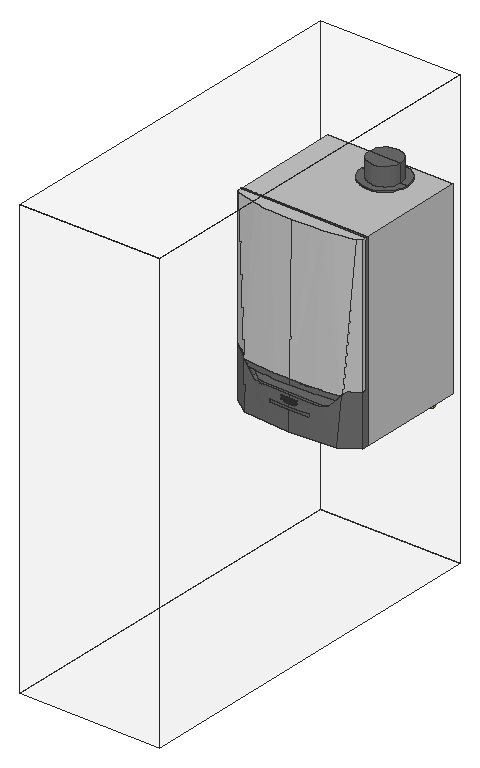
Revit family "Remeha_QuintaAce30_LOD5", category Mechanical Equipment, Revit 2016
Family settings
  Part Type = Normal
  Round Connector Dimension = Use Diameter
  OmniClass Number = 23.75.10.11.14
  OmniClass Title = Hot Water Heat Generators
  Work Plane-Based = No
  Always vertical = Yes
  Cut with Voids When Loaded = Yes
  Shared = No
  Room Calculation Point = No
Parameters (values of type "80/125 Conventional Flue Connection - 80 Connector")
  Weekly = ""
  Water Treatment Required = yes
  Water Content = 4.3 L
  Warranty ID = ""
  Voltage = 230 V
  URL = ""
  Type = "Space heating"
  Turndown Ratio = "3.66:1"
  Text Material = Paint - Black
  Supply Phase = 1
  Starting Current = 0 A
  Sound Pressure Level = "38.3"
  Shipping Weight = 61.00 kg
  Shape = "Rectangular (Vertical)"
  Safety Valve Connection Type = "Unset"
  Safety Valve Connection Size = 0.00 mm
  Responsible Sourcing of Materials = ""
  Responsible Extraction of Materials = ""
  Reference Standard = "GAR 2016/426, BED 92/42/EEC, ErP 2009/123/EC"
  Rated Output = 29800 W
  Rated Criteria = "80/60"
  Quarterly = ""
  Product Range = "Quinta Ace 30"
  Product Model Number = ""
  Product Literature = "https://www.remeha.co.uk/products/wall-hung-range/quinta-ace-30-115"
  Primary Fuel = "Gas - NG"
  Overall Width = 500.00 mm
  Overall Length = 500.00 mm
  Overall Height = 750.00 mm
  Optional Fuel = "LPG"
  Operation and Maintenance Manual = "https://www.remeha.co.uk/products/wall-hung-range/quinta-ace-30-115"
  Oil Consumption rate = 0
  Nominal Oil Inlet Pressure = 0.00000 bar
  Nominal Gas Inlet Pressure = 0.02000 bar
  NOx Emissions = "33"
  Mounting = "Wall Mounted"
  Monthly = ""
  Model = ""
  Minimum Power Consumption = 19 W
  Minimum Operating Pressure = 0.80000 bar
  Minimum Oil Inlet Pressure = 0.00000 bar
  Minimum Gas Inlet Pressure = 0.01700 bar
  Minimum Flow Rate at 20C temperature differential = 0.36 L/s
  Minimum Flow Rate at 11C temperature differential = 0.65 L/s
  Maximum Power Consumption = 40 W
  Maximum Operating Pressure = 4.00000 bar
  Maximum Oil Inlet Pressure = 0.00000 bar
  Maximum Gas Inlet Pressure = 0.02500 bar
  Material Ingredient Reporting = ""
  Manufacturer Website = "www.remeha.co.uk"
  Manufacturer = "Remeha Commercial"
  Maintenance Required 8001 to 12000hrs = ""
  Maintenance Required 601 to 1000hrs = ""
  Maintenance Required 4001 to 8000hrs = ""
  Maintenance Required 301 to 600hrs = ""
  Maintenance Required 2001 to 4000hrs = ""
  Maintenance Required 1001 to 2000hrs = ""
  Maintenance Required 0 to 300hrs = ""
  Location of Manufacturer = ""
  Load Classification = Other
  Life Cycle Analysis = ""
  Interlocks = yes
  IfcExportType = "NOTDEFINED"  # constant formula
  IfcExportAs = "IfcBoilerType"  # constant formula
  IP Rating = "X4D"
  IK Rating = "Not Required"
  Hydraulic Resistance at 20C temperature differential = 0.07000 bar
  Hydraulic Resistance at 11C temperature differential = 0.23100 bar
  Heater Operation = "Condensing"
  Heat Exchanger Material = "Aluminium"
  Gross Weight = 54.30 kg
  Green Guide for Specification = ""
  Gas Consumption rate = "3.2"
  Fuse Rating = 2.5 A
  Full Load Current = 0 A
  Fuel Connection Type = "Threaded"
  Fuel Connection Size = 20.00 mm
  Frequency = 50 Hz
  Flue or Air Intake Classification = "B23p,B33,C13, C33, C53, C63, C93"
  Flue Radius = Air Inlet Connection Size / 2  # 62.50 mm
  Flue Connector Size = 80 mm
  Flue Connection size = 80.00 mm
  Flow and Return Connection Type = "Threaded"
  Flow and Return Connection Size = 32.00 mm
  Finish = "High Polish Gardner 60 GRAD 91EH"
  Features = "Remeha's Quinta Pro range are compact high efficiency wall hung condensing boilers. Lighter and more efficienct, their small size make them ideally suited to modular arrangments"
  External Material = "Steel"
  Expected Life = "15"
  ErP Seasonal Efficiency = "94"
  ErP Rated Efficiency at Part Load = "0"
  ErP Rated Efficiency at Full Load = "0"
  ErP Energy Label = "A"
  Environmental Product Declaration = ""
  Energy Technology List = "0"
  Embodied Carbon = ""
  Drain Connection Type = "Unset"
  Drain Connection Size = 25.00 mm
  Description = ""
  Daily = ""
  Control Type = "'0 - 10V, Open Therm, Volt free enable, Direct boiler weather compensating control systems available from Remeha as optional extra's."
  Configuration = "Single boiler"
  Condensate Drain Type = "Plain"
  Condensate Drain Size = 32.00 mm
  Colour = "RAL 9016"
  Clearance Box Visibility [instance] = yes
  Classification.Uniclass.Pr.Number [instance] = "Pr_60_60_08_34"
  Classification.Uniclass.Pr.Description [instance] = "Gas fired Condensing Boilers"
  CE Mark = "0063CS3928"
  Burner Control Type = "Modulating"
  Building Regulations Seasonal Efficiency = "97.62"
  Bespoke Timeframe = ""
  BMS Links = yes
  Annually = "As Per Attached URL O&M Manual"
  Air Inlet Connection Size = 125.00 mm
  Additional Technical Details = "https://www.remeha.co.uk/products/wall-hung-range/quinta-ace-30-115"
  Access Clearance Top = 400.00 mm
  Access Clearance Right = 30.00 mm
  Access Clearance Rear = 0.00 mm
  Access Clearance Left = 30.00 mm
  Access Clearance Front = 1000.00 mm
  Access Clearance Bottom = 600.00 mm
  6 Monthly = ""
Types (2, lengths in mm): name | Load Classification | Flue Connector Size
  80/125 Conventional Flue Connection - 80 Connector | Other | 80
  80/125 Concentric Flue Connection - 125 Connector | none | 125
Reference planes
  plane 1 "Center (Front/Back)": y = 0
  plane 2: z = 0
  plane 3 "Center (Left/Right)": x = 0
  plane 4: y = -50
  plane 5: y = -75
  plane 6: x = -115
  plane 7: x = 59
  plane 8: x = 119.4
  plane 9: x = 200
  plane 10: x = 250
  plane 11: y = -101
  plane 12: x = -250
  plane 13: y = -500
  plane 14: x = -280
  plane 15: x = 280
  plane 16: y = -1500
  plane 17: y = 0
  plane 18: z = 750
  plane 19: z = 1150
  plane 20: z = -600
  plane 21: z = 824.467
Forms (mm)
  Sweep 1, solid, material "101_240_115"
    path origin (453.507, -50, 3000) x (1, 0, 0) y (0, 0, 1)
      loop
        line (-568.507, -3039.462) -> (-568.507, -3000)
    profile origin (-115, -50, -19.731) x (-1, 0, 0) y (0, -1, 0)
      loop
        circle (0, 0) r 21.2
  Sweep 2, solid
    path origin (453.507, -75, 3000) x (1, 0, 0) y (0, 0, 1)
      loop
        line (-394.507, -3012.462) -> (-394.507, -3000)
    profile origin (59, -75, -6.231) x (-1, 0, 0) y (0, -1, 0)
      loop
        circle (0, 0) r 16.25
  Sweep 3, solid, material "229_0_0"
    path origin (687.907, -50, 3000) x (1, 0, 0) y (0, 0, 1)
      loop
        line (-568.507, -3039.662) -> (-568.507, -3000)
    profile origin (119.4, -50, -19.831) x (-1, 0, 0) y (0, -1, 0)
      loop
        circle (0, 0) r 21.2
  Sweep 4, solid, material "229_229_0"
    path origin (768.507, -50, 3000) x (1, 0, 0) y (0, 0, 1)
      loop
        line (-568.507, -3040) -> (-568.507, -3000)
    profile origin (200, -50, -20) x (-1, 0, 0) y (0, -1, 0)
      loop
        circle (0, 0) r 13.5
  Revolve 5, solid, material "51_51_51"
    sketch origin (453.507, -101, 2990) x (1, 0, 0) y (0, 0, 1)
      loop
        line (-394.507, -2240) -> (-303.507, -2240) -> (-303.507, -2236.533) -> (-332.007, -2236.533) -> (-332.007, -2165.533) -> (-394.507, -2165.533) -> (-394.507, -2240)
      axis (-394.507, -2165.533) -> (-394.507, -2240)
    angle from 0 to 360
  Extrusion 6, solid, material "192_192_192"
    sketch origin (0, 5.687, 0) x (1, 0, 0) y (0, 1, 0)
      loop
        line (-250, -5.687) -> (-250, -432.687) -> (250, -432.687) -> (250, -5.687) -> (-250, -5.687)
    from 0 to 750
  Blend 7, solid, material "51_51_51"
    base sketch origin (0, 5.69, 0) x (1, 0, 0) y (0, 1, 0)
      loop
        line (249.735, -456.82) -> (250.139, -433.688) -> (-250.139, -433.688) -> (-249.735, -456.82) -> (-184.568, -502.286)
        arc (-184.568, -502.286) -> (-92.429, -510.231) -> (0, -513.311) r 1755.189
        arc (0, -513.311) -> (92.429, -510.231) -> (184.568, -502.286) r 1755.189
        line (184.568, -502.286) -> (249.735, -456.82)
    top sketch origin (0, 5.69, 0) x (1, 0, 0) y (0, 1, 0)
      loop
        line (250.139, -433.688) -> (-250.139, -433.688) -> (-249.716, -457.885) -> (-235.73, -467.643)
        arc (-235.73, -467.643) -> (-118.82, -490.038) -> (0, -497.214) r 923.864
        arc (0, -497.214) -> (118.82, -490.038) -> (235.73, -467.643) r 923.864
        line (235.73, -467.643) -> (249.716, -457.885) -> (250.139, -433.688)
    from 0 to 750
  Extrusion 8, void
    sketch origin (0, 0, 0) x (1, 0, 0) y (0, 0, 1)
      loop
        arc (-216.741, 202.277) -> (-209.657, 200.826) -> (-203.818, 196.561) r 17
        line (-203.818, 196.561) -> (-154.08, 141.623)
        arc (-154.08, 141.623) -> (-140.311, 131.663) -> (-123.686, 128.141) r 41
        line (-123.686, 128.141) -> (123.686, 128.141)
        arc (123.686, 128.141) -> (140.311, 131.663) -> (154.08, 141.623) r 41
        line (154.08, 141.623) -> (203.818, 196.561)
        arc (203.818, 196.561) -> (209.657, 200.826) -> (216.741, 202.277) r 17
        line (216.741, 202.277) -> (251.211, 201.857) -> (251.211, 781.159) -> (-251, 781.159) -> (-251, 201.86) -> (-216.741, 202.277)
      loop
        line (-190.992, 184.8) -> (-177.118, 169.664)
        arc (-177.118, 169.664) -> (-172.1, 166.07) -> (-166.06, 164.8) r 15
        line (-166.06, 164.8) -> (166.06, 164.8)
        arc (166.06, 164.8) -> (172.1, 166.07) -> (177.118, 169.664) r 15
        line (177.118, 169.664) -> (190.992, 184.8) -> (-190.992, 184.8)
    from 433.688 to 506.661
  Extrusion 9, void
    sketch origin (0, 5.69, 0) x (0, 1, 0) y (0, 0, 1)
      loop
        line (-507.075, 87.668) -> (-512.351, 87.668) -> (-512.351, 74.979) -> (-507.075, 74.979) -> (-507.075, 87.668)
    from -80 to 80
  Extrusion 10, solid, material "51_51_51"
    sketch origin (0, 5.69, 0) x (0, 1, 0) y (0, 0, 1)
      loop
        line (-494.881, 127.103) -> (-439.378, 127.103) -> (-439.378, 169.103) -> (-474.396, 169.103) -> (-494.881, 127.103)
    from -180 to 180
  Blend 11, solid, material "192_192_192"
    base sketch origin (0, 5.69, 0) x (1, 0, 0) y (0, 1, 0)
      loop
        line (249.735, -456.82) -> (250.139, -433.688) -> (-250.139, -433.688) -> (-249.735, -456.82) -> (-184.568, -502.286)
        arc (-184.568, -502.286) -> (-92.429, -510.231) -> (0, -513.311) r 1755.189
        arc (0, -513.311) -> (92.429, -510.231) -> (184.568, -502.286) r 1755.189
        line (184.568, -502.286) -> (249.735, -456.82)
    top sketch origin (0, 5.69, 0) x (1, 0, 0) y (0, 1, 0)
      loop
        line (250.139, -433.688) -> (-250.139, -433.688) -> (-249.716, -457.885) -> (-235.73, -467.643)
        arc (-235.73, -467.643) -> (-118.82, -490.038) -> (0, -497.214) r 923.864
        arc (0, -497.214) -> (118.82, -490.038) -> (235.73, -467.643) r 923.864
        line (235.73, -467.643) -> (249.716, -457.885) -> (250.139, -433.688)
    from 0 to 750
  Extrusion 12, void
    sketch origin (1400, 0, 0) x (1, 0, 0) y (0, 0, 1)
      loop
        line (-1651, 0) -> (-1148.789, 0) -> (-1148.789, 203.538) -> (-1183.579, 203.961)
        arc (-1183.579, 203.961) -> (-1191.131, 202.462) -> (-1197.432, 198.036) r 18.627
        line (-1197.432, 198.036) -> (-1206.67, 188.061)
        arc (-1206.67, 188.061) -> (-1208.371, 186.852) -> (-1210.413, 186.426) r 5.101
        line (-1210.413, 186.426) -> (-1400, 186.426) -> (-1589.587, 186.426)
        arc (-1589.587, 186.426) -> (-1591.629, 186.852) -> (-1593.33, 188.061) r 5.101
        line (-1593.33, 188.061) -> (-1602.568, 198.036)
        arc (-1602.568, 198.036) -> (-1608.869, 202.462) -> (-1616.421, 203.961) r 18.627
        line (-1616.421, 203.961) -> (-1651, 203.54) -> (-1651, 0)
    from 433.69 to 511.105
  Extrusion 13, solid, material "Clearance", visible <- "Clearance Box Visibility"
    sketch origin (0, 0, 0) x (1, 0, 0) y (0, 1, 0)
      loop
        line (-280, 0) -> (-280, -1500) -> (280, -1500) -> (280, 0) -> (-280, 0)
    from -600 to 1150
  Extrusion 14, solid, material "Paint - Black" <- "Text Material"
    sketch origin (0, 0, 0) x (1, 0, 0) y (0, 0, 1)
      loop
        line (-30.625, 120.395) -> (-30.625, 118.213) -> (30.625, 118.213) -> (30.625, 120.395) -> (-30.625, 120.395)
      loop
        line (-30.625, 106.032) -> (30.625, 106.032) -> (30.625, 108.213) -> (-30.625, 108.213) -> (-30.625, 106.032)
      loop
        line (-28.307, 116.676) -> (-28.307, 109.282) -> (-20.805, 109.282) -> (-20.805, 112.183) -> (-19.053, 112.183)
        arc (-19.053, 112.183) -> (-18.314, 111.847) -> (-18.083, 111.068) r 0.979
        arc (-18.083, 111.068) -> (-18.083, 110.157) -> (-17.832, 109.282) r 3.272
        line (-17.832, 109.282) -> (-16.376, 109.282)
        arc (-16.376, 109.282) -> (-16.561, 110.336) -> (-16.618, 111.404) r 8.915
        arc (-16.618, 111.404) -> (-16.885, 112.268) -> (-17.601, 112.822) r 1.5
        arc (-17.601, 112.822) -> (-16.323, 115.034) -> (-18.28, 116.676) r 1.987
        line (-18.28, 116.676) -> (-20.805, 116.676) -> (-28.307, 116.676)
      loop
        line (-20.805, 115.402) -> (-20.805, 113.382) -> (-18.787, 113.382)
        arc (-18.787, 113.382) -> (-18.37, 113.534) -> (-18.148, 113.918) r 0.649
        arc (-18.148, 113.918) -> (-18.033, 114.426) -> (-18.159, 114.93) r 1.124
        arc (-18.159, 114.93) -> (-18.505, 115.276) -> (-18.976, 115.402) r 0.944
        line (-18.976, 115.402) -> (-20.805, 115.402)
      loop
        line (-26.948, 115.402) -> (-26.948, 110.655) -> (-22.202, 110.655) -> (-22.202, 115.402) -> (-26.948, 115.402)
      loop
        line (-9.068, 114.754) -> (-10.47, 114.754) -> (-10.47, 109.282) -> (-8.958, 109.282) -> (-8.958, 112.222)
        arc (-8.958, 112.222) -> (-8.681, 113.022) -> (-7.968, 113.478) r 1.291
        arc (-7.968, 113.478) -> (-7.458, 113.497) -> (-6.98, 113.316) r 1.291
        line (-6.98, 113.316) -> (-6.98, 114.889)
        arc (-6.98, 114.889) -> (-8.226, 114.723) -> (-9.068, 113.79) r 1.823
        line (-9.068, 113.79) -> (-9.068, 114.754)
      loop
        line (-5.139, 111.705) -> (-1.277, 111.705)
        arc (-1.277, 111.705) -> (-3.967, 114.88) -> (-6.562, 111.627) r 2.694
        arc (-6.562, 111.627) -> (-4.23, 109.192) -> (-1.394, 111.016) r 2.651
        line (-1.394, 111.016) -> (-2.704, 111.016)
        arc (-2.704, 111.016) -> (-4.224, 110.293) -> (-5.139, 111.705) r 1.276
      loop
        line (-5.147, 112.62) -> (-2.707, 112.62)
        arc (-2.707, 112.62) -> (-3.927, 113.841) -> (-5.147, 112.62) r 1.22
      loop
        line (1.337, 113.988) -> (1.337, 114.776) -> (-0.066, 114.776) -> (-0.066, 109.389) -> (1.396, 109.389) -> (1.396, 112.819)
        arc (1.396, 112.819) -> (2.357, 113.78) -> (3.318, 112.819) r 0.961
        line (3.318, 112.819) -> (3.318, 109.389) -> (4.781, 109.389) -> (4.781, 112.819)
        arc (4.781, 112.819) -> (5.723, 113.761) -> (6.665, 112.819) r 0.942
        line (6.665, 112.819) -> (6.665, 109.389) -> (8.107, 109.389) -> (8.107, 112.925)
        arc (8.107, 112.925) -> (8.131, 113.503) -> (7.91, 114.038) r 1.349
        arc (7.91, 114.038) -> (6.224, 114.92) -> (4.538, 114.038) r 2.053
        arc (4.538, 114.038) -> (2.923, 114.936) -> (1.337, 113.988) r 1.848
      loop
        line (10.835, 111.705) -> (14.697, 111.705)
        arc (14.697, 111.705) -> (12.007, 114.88) -> (9.413, 111.627) r 2.694
        arc (9.413, 111.627) -> (11.745, 109.192) -> (14.58, 111.016) r 2.651
        line (14.58, 111.016) -> (13.271, 111.016)
        arc (13.271, 111.016) -> (11.751, 110.293) -> (10.835, 111.705) r 1.276
      loop
        line (10.827, 112.62) -> (13.268, 112.62)
        arc (13.268, 112.62) -> (12.048, 113.841) -> (10.827, 112.62) r 1.22
      loop
        line (17.364, 116.805) -> (15.821, 116.805) -> (15.821, 109.416) -> (17.364, 109.416) -> (17.364, 112.62)
        arc (17.364, 112.62) -> (18.386, 113.878) -> (19.408, 112.62) r 1.044
        line (19.408, 112.62) -> (19.408, 109.416) -> (20.934, 109.416) -> (20.934, 113.081)
        arc (20.934, 113.081) -> (19.516, 114.929) -> (17.364, 114.038) r 1.913
        line (17.364, 114.038) -> (17.364, 116.805)
      loop
        line (22.242, 113.094) -> (23.722, 113.094)
        arc (23.722, 113.094) -> (23.883, 113.574) -> (24.311, 113.847) r 0.76
        arc (24.311, 113.847) -> (24.781, 113.923) -> (25.255, 113.868) r 1.739
        arc (25.255, 113.868) -> (25.672, 113.375) -> (25.347, 112.817) r 0.559
        arc (25.347, 112.817) -> (24.586, 112.573) -> (23.79, 112.514) r 3.395
        arc (23.79, 112.514) -> (23.01, 112.359) -> (22.39, 111.862) r 1.672
        arc (22.39, 111.862) -> (22.047, 110.754) -> (22.507, 109.69) r 1.672
        arc (22.507, 109.69) -> (23.456, 109.312) -> (24.477, 109.296) r 2.817
        arc (24.477, 109.296) -> (25.226, 109.546) -> (25.673, 110.197) r 1.24
        arc (25.673, 110.197) -> (25.722, 109.795) -> (25.841, 109.407) r 2.328
        line (25.841, 109.407) -> (27.312, 109.407)
        arc (27.312, 109.407) -> (27.148, 109.949) -> (27.093, 110.512) r 2.901
        line (27.093, 110.512) -> (27.093, 113.568)
        arc (27.093, 113.568) -> (26.736, 114.43) -> (25.874, 114.787) r 1.219
        arc (25.874, 114.787) -> (24.773, 114.91) -> (23.672, 114.787) r 4.994
        arc (23.672, 114.787) -> (22.673, 114.18) -> (22.242, 113.094) r 1.837
      loop
        arc (23.575, 111.229) -> (23.583, 110.746) -> (23.888, 110.371) r 0.737
        arc (23.888, 110.371) -> (24.388, 110.254) -> (24.895, 110.337) r 1.324
        arc (24.895, 110.337) -> (25.433, 110.755) -> (25.637, 111.405) r 1.14
        line (25.637, 111.405) -> (25.637, 112.191)
        arc (25.637, 112.191) -> (25.209, 111.86) -> (24.672, 111.801) r 0.999
        arc (24.672, 111.801) -> (24.028, 111.698) -> (23.575, 111.229) r 1.029
      loop
        line (-14.73, 105.293) -> (-14.73, 102.893)
        arc (-14.73, 102.893) -> (-14.262, 101.761) -> (-13.13, 101.293) r 1.6
        line (-13.13, 101.293) -> (-11.33, 101.293)
        arc (-11.33, 101.293) -> (-10.199, 101.761) -> (-9.73, 102.893) r 1.6
        line (-9.73, 102.893) -> (-9.73, 105.293) -> (-10.73, 105.293) -> (-10.73, 102.893)
        arc (-10.73, 102.893) -> (-10.965, 102.327) -> (-11.53, 102.093) r 0.8
        line (-11.53, 102.093) -> (-12.93, 102.093)
        arc (-12.93, 102.093) -> (-13.496, 102.327) -> (-13.73, 102.893) r 0.8
        line (-13.73, 102.893) -> (-13.73, 105.293) -> (-14.73, 105.293)
      loop
        line (23.957, 105.293) -> (19.757, 105.293) -> (19.757, 101.293) -> (23.957, 101.293) -> (23.957, 102.093) -> (20.757, 102.093) -> (20.757, 102.893) -> (23.957, 102.893) -> (23.957, 103.693) -> (20.757, 103.693) -> (20.757, 104.493) -> (23.957, 104.493) -> (23.957, 105.293)
      loop
        line (14.257, 103.693) -> (14.257, 102.893)
        arc (14.257, 102.893) -> (14.726, 101.761) -> (15.857, 101.293) r 1.6
        line (15.857, 101.293) -> (17.657, 101.293)
        arc (17.657, 101.293) -> (18.789, 101.761) -> (19.257, 102.893) r 1.6
        line (19.257, 102.893) -> (18.257, 102.893)
        arc (18.257, 102.893) -> (18.023, 102.327) -> (17.457, 102.093) r 0.8
        line (17.457, 102.093) -> (16.057, 102.093)
        arc (16.057, 102.093) -> (15.492, 102.327) -> (15.257, 102.893) r 0.8
        line (15.257, 102.893) -> (15.257, 103.693)
        arc (15.257, 103.693) -> (15.492, 104.259) -> (16.057, 104.493) r 0.8
        line (16.057, 104.493) -> (17.457, 104.493)
        arc (17.457, 104.493) -> (18.023, 104.259) -> (18.257, 103.693) r 0.8
        line (18.257, 103.693) -> (19.257, 103.693)
        arc (19.257, 103.693) -> (18.789, 104.824) -> (17.657, 105.293) r 1.6
        line (17.657, 105.293) -> (15.857, 105.293)
        arc (15.857, 105.293) -> (14.726, 104.824) -> (14.257, 103.693) r 1.6
      loop
        line (10.851, 105.293) -> (9.07, 101.293) -> (10.164, 101.293) -> (10.521, 102.093) -> (12.619, 102.093) -> (12.975, 101.293) -> (14.07, 101.293) -> (12.289, 105.293) -> (10.851, 105.293)
      loop
        line (10.877, 102.893) -> (12.263, 102.893) -> (11.57, 104.449) -> (10.877, 102.893)
      loop
        line (-20.23, 103.693) -> (-20.23, 102.893)
        arc (-20.23, 102.893) -> (-19.762, 101.761) -> (-18.63, 101.293) r 1.6
        line (-18.63, 101.293) -> (-16.83, 101.293)
        arc (-16.83, 101.293) -> (-16.428, 101.344) -> (-16.052, 101.495) r 1.6
        line (-16.052, 101.495) -> (-15.593, 100.84) -> (-14.937, 101.299) -> (-15.467, 102.055)
        arc (-15.467, 102.055) -> (-15.291, 102.458) -> (-15.23, 102.893) r 1.6
        line (-15.23, 102.893) -> (-15.23, 103.693)
        arc (-15.23, 103.693) -> (-15.699, 104.824) -> (-16.83, 105.293) r 1.6
        line (-16.83, 105.293) -> (-18.63, 105.293)
        arc (-18.63, 105.293) -> (-19.762, 104.824) -> (-20.23, 103.693) r 1.6
      loop
        line (-19.23, 103.693) -> (-19.23, 102.893)
        arc (-19.23, 102.893) -> (-18.996, 102.327) -> (-18.43, 102.093) r 0.8
        line (-18.43, 102.093) -> (-17.03, 102.093)
        arc (-17.03, 102.093) -> (-16.465, 102.327) -> (-16.23, 102.893) r 0.8
        line (-16.23, 102.893) -> (-16.23, 103.693)
        arc (-16.23, 103.693) -> (-16.465, 104.259) -> (-17.03, 104.493) r 0.8
        line (-17.03, 104.493) -> (-18.43, 104.493)
        arc (-18.43, 104.493) -> (-18.996, 104.259) -> (-19.23, 103.693) r 0.8
      loop
        line (-9.23, 105.293) -> (-9.23, 101.293) -> (-8.23, 101.293) -> (-8.23, 105.293) -> (-9.23, 105.293)
      loop
        line (-7.73, 105.293) -> (-7.73, 101.293) -> (-6.73, 101.293) -> (-6.73, 104.493) -> (-4.405, 101.293) -> (-2.73, 101.293) -> (-2.73, 105.293) -> (-3.73, 105.293) -> (-3.73, 102.093) -> (-6.055, 105.293) -> (-7.73, 105.293)
      loop
        line (-2.23, 105.293) -> (-2.23, 104.493) -> (-0.23, 104.493) -> (-0.23, 101.293) -> (0.77, 101.293) -> (0.77, 104.493) -> (2.77, 104.493) -> (2.77, 105.293) -> (-2.23, 105.293)
      loop
        line (3.851, 105.293) -> (2.07, 101.293) -> (3.164, 101.293) -> (3.521, 102.093) -> (5.619, 102.093) -> (5.975, 101.293) -> (7.07, 101.293) -> (5.289, 105.293) -> (3.851, 105.293)
      loop
        line (3.877, 102.893) -> (5.263, 102.893) -> (4.57, 104.449) -> (3.877, 102.893)
    from 505 to 506.998
Cuts and joins
  Extrusion 8, Extrusion 9 cuts Blend 7
  joined: Blend 7, Extrusion 10
  Extrusion 12 cuts Blend 11
Dimensions and locks
  locked: plane 4 to plane 1 "Center (Front/Back)" at 50
  locked: plane 5 to plane 1 "Center (Front/Back)" at 75
  locked: plane 9 to plane 10 at 50
  locked: plane 8 to plane 10 at 130.6
  locked: plane 7 to plane 10 at 191
  locked: plane 6 to plane 10 at 365
  locked: plane 11 to plane 1 "Center (Front/Back)" at 101
  "Flue Radius": Revolve 5 sketch curve to plane 7
  locked: Revolve 5 sketch curve to plane 7 at 91
  equal spacing: plane 12, plane 3 "Center (Left/Right)", plane 10
  locked: plane 13 to plane 1 "Center (Front/Back)" at 500
  "Access Clearance Front": plane 16 to plane 13
  "Access Clearance Rear": plane 1 "Center (Front/Back)" to plane 17
  locked: plane 12 to plane 10 at 500
  "Access Clearance Right": plane 10 to plane 15
  "Access Clearance Left": plane 14 to plane 12
  "Overall Height": plane 18 to plane 2
  "Access Clearance Bottom": plane 2 to plane 20
  "Access Clearance Top": plane 19 to plane 18
  locked: plane 21 to plane 18 at 74.467
  plane 3 "Center (Left/Right)" to Extrusion 13 = 280.00 mm
  aligned and locked: level to plane 2
  aligned and locked: plane 6 to Sweep 1 sketch curve
  aligned and locked: profile plane to Sweep 1 sketch curve  (x2)
  aligned and locked: profile plane to Sweep 2 sketch curve  (x2)
  aligned and locked: Sweep 2 sketch curve to plane 7
  aligned and locked: profile plane to Sweep 3 sketch curve  (x2)
  aligned and locked: plane 8 to Sweep 3 sketch curve
  aligned and locked: profile plane to Sweep 4 sketch curve  (x2)
  aligned and locked: plane 9 to Sweep 4 sketch curve
  aligned and locked: Revolve 5 sketch curve to plane 7
  aligned and locked: plane 17 to Extrusion 13 sketch curve
  aligned and locked: plane 14 to Extrusion 13 sketch curve
  aligned and locked: Extrusion 13 sketch curve to plane 15
  aligned and locked: Extrusion 13 sketch curve to plane 16
  aligned and locked: Revolve 5 to plane 21
  aligned and locked: Revolve 5 to plane 18
  aligned and locked: Extrusion 13 to plane 19
Automatic sketch dimensions
  Sweep 1 sketch curve to level = 0.00 mm
  Sweep 1 sketch curve to level = 39.462 mm
  Sweep 2 sketch curve to level = 0.00 mm
  Sweep 2 sketch curve to level = 12.462 mm
  Sweep 3 sketch curve to level = 0.00 mm
  Sweep 3 sketch curve to Sweep 3 sketch curve = 39.662 mm
  Sweep 4 sketch curve to level = 0.00 mm
  Sweep 4 sketch curve to Sweep 4 sketch curve = 40.00 mm
  Extrusion 6 sketch curve to plane 10 = 0.00 mm
  plane 1 "Center (Front/Back)" to Extrusion 6 sketch curve = 0.00 mm
  Extrusion 6 sketch curve to plane 6 = 135.00 mm
  plane 11 to Extrusion 6 sketch curve = 326.00 mm
  Blend 7 sketch curve to plane 3 "Center (Left/Right)" = 0.00 mm  (x2)
  Blend 7 sketch curve to plane 3 "Center (Left/Right)" = 12.233 mm
  Blend 7 sketch curve to plane 6 = 69.568 mm
  Blend 7 sketch curve to Blend 7 sketch curve = 65.167 mm
  Blend 7 sketch curve to Blend 7 sketch curve = 0.404 mm
  plane 3 "Center (Left/Right)" to Blend 7 sketch curve = 12.233 mm
  Blend 7 sketch curve to plane 9 = 15.432 mm
  Blend 7 sketch curve to plane 10 = 0.265 mm
  plane 10 to Blend 7 sketch curve = 0.139 mm  (x2)
  plane 11 to Blend 7 sketch curve = 395.596 mm
  Blend 7 sketch curve to Blend 7 sketch curve = 0.00 mm
  Blend 7 sketch curve to Blend 7 sketch curve = 45.466 mm  (x2)
  Blend 7 sketch curve to Blend 7 sketch curve = 23.133 mm
  Blend 7 sketch curve to plane 1 "Center (Front/Back)" = 1247.525 mm
  Blend 7 sketch curve to plane 3 "Center (Left/Right)" = 3.828 mm
  Blend 7 sketch curve to plane 6 = 120.73 mm
  Blend 7 sketch curve to Blend 7 sketch curve = 13.986 mm
  Blend 7 sketch curve to Blend 7 sketch curve = 0.422 mm
  plane 3 "Center (Left/Right)" to Blend 7 sketch curve = 3.828 mm
  Blend 7 sketch curve to plane 10 = 14.27 mm
  Blend 7 sketch curve to plane 10 = 0.284 mm
  plane 11 to Blend 7 sketch curve = 360.953 mm
  plane 1 "Center (Front/Back)" to Blend 7 sketch curve = 461.953 mm
  Blend 7 sketch curve to Blend 7 sketch curve = 9.758 mm  (x2)
  Blend 7 sketch curve to Blend 7 sketch curve = 24.198 mm
  Blend 7 sketch curve to plane 1 "Center (Front/Back)" = 432.332 mm
  Extrusion 8 sketch curve to plane 6 = 136.00 mm
  Extrusion 8 sketch curve to Extrusion 8 sketch curve = 34.259 mm
  Extrusion 8 sketch curve to Extrusion 8 sketch curve = 0.207 mm
  Extrusion 8 sketch curve to Extrusion 8 sketch curve = 12.923 mm  (x2)
  Extrusion 8 sketch curve to Extrusion 8 sketch curve = 12.826 mm
  Extrusion 8 sketch curve to Extrusion 8 sketch curve = 13.874 mm
  Extrusion 8 sketch curve to Extrusion 8 sketch curve = 11.057 mm  (x2)
  Extrusion 8 sketch curve to Extrusion 8 sketch curve = 11.98 mm  (x2)
  Extrusion 8 sketch curve to plane 6 = 8.686 mm
  plane 8 to Extrusion 8 sketch curve = 4.286 mm
  Extrusion 8 sketch curve to Extrusion 8 sketch curve = 30.394 mm
  Extrusion 8 sketch curve to plane 9 = 9.008 mm
  plane 9 to Extrusion 8 sketch curve = 3.818 mm
  plane 9 to Extrusion 8 sketch curve = 16.534 mm
  plane 10 to Extrusion 8 sketch curve = 1.211 mm
  level to Extrusion 8 sketch curve = 128.141 mm
  Extrusion 8 sketch curve to Extrusion 8 sketch curve = 13.483 mm  (x2)
  Extrusion 8 sketch curve to Extrusion 8 sketch curve = 23.177 mm
  Extrusion 8 sketch curve to Extrusion 8 sketch curve = 4.864 mm  (x2)
  Extrusion 8 sketch curve to Extrusion 8 sketch curve = 15.136 mm
  Extrusion 8 sketch curve to Extrusion 8 sketch curve = 0.478 mm  (x2)
  Extrusion 8 sketch curve to Extrusion 8 sketch curve = 11.283 mm  (x2)
  Extrusion 8 sketch curve to Extrusion 8 sketch curve = 0.42 mm
  Extrusion 8 sketch curve to Extrusion 8 sketch curve = 0.417 mm
  Extrusion 8 sketch curve to Extrusion 8 sketch curve = 579.299 mm
  level to Extrusion 9 sketch curve = 87.668 mm
  plane 11 to Extrusion 9 sketch curve = 405.661 mm
  Extrusion 9 sketch curve to Extrusion 9 sketch curve = 5.277 mm
  Extrusion 9 sketch curve to Extrusion 9 sketch curve = 12.689 mm
  level to Extrusion 10 sketch curve = 127.103 mm
  plane 11 to Extrusion 10 sketch curve = 388.191 mm
  Extrusion 10 sketch curve to Extrusion 10 sketch curve = 20.485 mm
  Extrusion 10 sketch curve to Extrusion 10 sketch curve = 35.018 mm
  Extrusion 10 sketch curve to Extrusion 10 sketch curve = 42.00 mm
  Blend 11 sketch curve to plane 3 "Center (Left/Right)" = 0.00 mm  (x2)
  Blend 11 sketch curve to plane 3 "Center (Left/Right)" = 12.233 mm
  Blend 11 sketch curve to plane 6 = 69.568 mm
  Blend 11 sketch curve to Blend 11 sketch curve = 65.167 mm
  Blend 11 sketch curve to Blend 11 sketch curve = 0.404 mm
  plane 3 "Center (Left/Right)" to Blend 11 sketch curve = 12.233 mm
  Blend 11 sketch curve to plane 9 = 15.432 mm
  Blend 11 sketch curve to plane 10 = 0.265 mm
  plane 10 to Blend 11 sketch curve = 0.139 mm  (x2)
  plane 11 to Blend 11 sketch curve = 395.596 mm
  Blend 11 sketch curve to Blend 11 sketch curve = 0.00 mm
  Blend 11 sketch curve to Blend 11 sketch curve = 45.466 mm  (x2)
  Blend 11 sketch curve to Blend 11 sketch curve = 23.133 mm
  Blend 11 sketch curve to plane 1 "Center (Front/Back)" = 1247.525 mm
  Blend 11 sketch curve to plane 3 "Center (Left/Right)" = 3.828 mm
  Blend 11 sketch curve to plane 6 = 120.73 mm
  Blend 11 sketch curve to Blend 11 sketch curve = 13.986 mm
  Blend 11 sketch curve to Blend 11 sketch curve = 0.422 mm
  plane 3 "Center (Left/Right)" to Blend 11 sketch curve = 3.828 mm
  Blend 11 sketch curve to plane 10 = 14.27 mm
  Blend 11 sketch curve to plane 10 = 0.284 mm
  plane 11 to Blend 11 sketch curve = 360.953 mm
  plane 1 "Center (Front/Back)" to Blend 11 sketch curve = 461.953 mm
  Blend 11 sketch curve to Blend 11 sketch curve = 9.758 mm  (x2)
  Blend 11 sketch curve to Blend 11 sketch curve = 24.198 mm
  Blend 11 sketch curve to plane 1 "Center (Front/Back)" = 432.332 mm
  Extrusion 12 sketch curve to level = 0.00 mm
  Extrusion 12 sketch curve to plane 3 "Center (Left/Right)" = 0.00 mm
  Extrusion 12 sketch curve to plane 6 = 74.587 mm
  Extrusion 12 sketch curve to Extrusion 12 sketch curve = 3.742 mm  (x2)
  Extrusion 12 sketch curve to Extrusion 12 sketch curve = 9.238 mm
  Extrusion 12 sketch curve to Extrusion 12 sketch curve = 13.626 mm
  Extrusion 12 sketch curve to Extrusion 12 sketch curve = 13.853 mm  (x2)
  Extrusion 12 sketch curve to plane 6 = 136.00 mm
  Extrusion 12 sketch curve to plane 9 = 10.413 mm
  plane 9 to Extrusion 12 sketch curve = 2.568 mm
  plane 9 to Extrusion 12 sketch curve = 16.194 mm
  plane 10 to Extrusion 12 sketch curve = 1.211 mm
  level to Extrusion 12 sketch curve = 185.336 mm  (x2)
  Extrusion 12 sketch curve to Extrusion 12 sketch curve = 1.09 mm
  Extrusion 12 sketch curve to Extrusion 12 sketch curve = 1.635 mm  (x2)
  Extrusion 12 sketch curve to Extrusion 12 sketch curve = 9.975 mm  (x2)
  Extrusion 12 sketch curve to Extrusion 12 sketch curve = 0.424 mm
  Extrusion 12 sketch curve to Extrusion 12 sketch curve = 0.421 mm
  Extrusion 14 sketch curve to Extrusion 14 sketch curve = 0.00 mm  (x35)
  Extrusion 14 sketch curve to plane 3 "Center (Left/Right)" = 30.625 mm
  Extrusion 14 sketch curve to Extrusion 14 sketch curve = 2.318 mm
  Extrusion 14 sketch curve to Extrusion 14 sketch curve = 1.36 mm
  Extrusion 14 sketch curve to Extrusion 14 sketch curve = 4.746 mm
  Extrusion 14 sketch curve to Extrusion 14 sketch curve = 1.397 mm  (x2)
  Extrusion 14 sketch curve to Extrusion 14 sketch curve = 0.575 mm
  Extrusion 14 sketch curve to Extrusion 14 sketch curve = 1.00 mm  (x9)
  Extrusion 14 sketch curve to Extrusion 14 sketch curve = 1.648 mm
  Extrusion 14 sketch curve to Extrusion 14 sketch curve = 1.752 mm
  Extrusion 14 sketch curve to Extrusion 14 sketch curve = 0.18 mm
  Extrusion 14 sketch curve to Extrusion 14 sketch curve = 0.19 mm
  Extrusion 14 sketch curve to Extrusion 14 sketch curve = 0.60 mm  (x9)
  Extrusion 14 sketch curve to Extrusion 14 sketch curve = 0.20 mm  (x10)
  Extrusion 14 sketch curve to Extrusion 14 sketch curve = 0.696 mm
  Extrusion 14 sketch curve to Extrusion 14 sketch curve = 0.935 mm
  Extrusion 14 sketch curve to Extrusion 14 sketch curve = 0.286 mm  (x2)
  Extrusion 14 sketch curve to Extrusion 14 sketch curve = 1.40 mm  (x3)
  Extrusion 14 sketch curve to Extrusion 14 sketch curve = 1.456 mm
  Extrusion 14 sketch curve to Extrusion 14 sketch curve = 0.779 mm
  Extrusion 14 sketch curve to Extrusion 14 sketch curve = 0.459 mm
  Extrusion 14 sketch curve to Extrusion 14 sketch curve = 0.584 mm
  Extrusion 14 sketch curve to Extrusion 14 sketch curve = 0.655 mm
  Extrusion 14 sketch curve to Extrusion 14 sketch curve = 1.533 mm
  Extrusion 14 sketch curve to Extrusion 14 sketch curve = 0.50 mm  (x5)
  Extrusion 14 sketch curve to Extrusion 14 sketch curve = 4.373 mm
  Extrusion 14 sketch curve to Extrusion 14 sketch curve = 1.402 mm
  Extrusion 14 sketch curve to Extrusion 14 sketch curve = 1.512 mm
  Extrusion 14 sketch curve to Extrusion 14 sketch curve = 1.255 mm
  Extrusion 14 sketch curve to Extrusion 14 sketch curve = 0.036 mm
  Extrusion 14 sketch curve to Extrusion 14 sketch curve = 0.29 mm
  Extrusion 14 sketch curve to Extrusion 14 sketch curve = 0.396 mm
  Extrusion 14 sketch curve to Extrusion 14 sketch curve = 0.675 mm  (x2)
  Extrusion 14 sketch curve to Extrusion 14 sketch curve = 1.833 mm
  Extrusion 14 sketch curve to Extrusion 14 sketch curve = 0.008 mm  (x2)
  Extrusion 14 sketch curve to Extrusion 14 sketch curve = 2.325 mm
  Extrusion 14 sketch curve to Extrusion 14 sketch curve = 1.22 mm  (x2)
  Extrusion 14 sketch curve to Extrusion 14 sketch curve = 0.001 mm  (x2)
  Extrusion 14 sketch curve to Extrusion 14 sketch curve = 0.009 mm  (x2)
  Extrusion 14 sketch curve to Extrusion 14 sketch curve = 0.043 mm  (x2)
  Extrusion 14 sketch curve to Extrusion 14 sketch curve = 1.172 mm  (x2)
  Extrusion 14 sketch curve to Extrusion 14 sketch curve = 1.31 mm  (x2)
  Extrusion 14 sketch curve to Extrusion 14 sketch curve = 0.117 mm  (x2)
  Extrusion 14 sketch curve to plane 3 "Center (Left/Right)" = 0.23 mm
  Extrusion 14 sketch curve to plane 3 "Center (Left/Right)" = 0.066 mm
  plane 3 "Center (Left/Right)" to Extrusion 14 sketch curve = 0.77 mm
  plane 3 "Center (Left/Right)" to Extrusion 14 sketch curve = 1.337 mm
  plane 3 "Center (Left/Right)" to Extrusion 14 sketch curve = 1.396 mm
  Extrusion 14 sketch curve to Extrusion 14 sketch curve = 1.30 mm
  Extrusion 14 sketch curve to Extrusion 14 sketch curve = 0.961 mm
  Extrusion 14 sketch curve to Extrusion 14 sketch curve = 2.00 mm  (x2)
  Extrusion 14 sketch curve to Extrusion 14 sketch curve = 0.366 mm
  Extrusion 14 sketch curve to Extrusion 14 sketch curve = 1.095 mm  (x4)
  Extrusion 14 sketch curve to Extrusion 14 sketch curve = 0.356 mm  (x8)
  Extrusion 14 sketch curve to Extrusion 14 sketch curve = 1.081 mm
  Extrusion 14 sketch curve to Extrusion 14 sketch curve = 0.719 mm  (x4)
  Extrusion 14 sketch curve to Extrusion 14 sketch curve = 1.463 mm
  Extrusion 14 sketch curve to Extrusion 14 sketch curve = 1.386 mm  (x2)
  Extrusion 14 sketch curve to Extrusion 14 sketch curve = 0.942 mm
  Extrusion 14 sketch curve to Extrusion 14 sketch curve = 0.441 mm
  Extrusion 14 sketch curve to Extrusion 14 sketch curve = 0.137 mm
  Extrusion 14 sketch curve to Extrusion 14 sketch curve = 1.304 mm
  Extrusion 14 sketch curve to Extrusion 14 sketch curve = 2.721 mm
  Extrusion 14 sketch curve to Extrusion 14 sketch curve = 0.33 mm
  Extrusion 14 sketch curve to Extrusion 14 sketch curve = 1.995 mm  (x2)
  Extrusion 14 sketch curve to Extrusion 14 sketch curve = 2.553 mm
  Extrusion 14 sketch curve to Extrusion 14 sketch curve = 1.542 mm  (x2)
  Extrusion 14 sketch curve to Extrusion 14 sketch curve = 1.022 mm
  Extrusion 14 sketch curve to Extrusion 14 sketch curve = 0.635 mm
  Extrusion 14 sketch curve to Extrusion 14 sketch curve = 0.388 mm
  Extrusion 14 sketch curve to Extrusion 14 sketch curve = 1.50 mm
  Extrusion 14 sketch curve to Extrusion 14 sketch curve = 1.526 mm
  Extrusion 14 sketch curve to Extrusion 14 sketch curve = 1.309 mm
  Extrusion 14 sketch curve to Extrusion 14 sketch curve = 1.474 mm
  Extrusion 14 sketch curve to Extrusion 14 sketch curve = 1.48 mm
  Extrusion 14 sketch curve to Extrusion 14 sketch curve = 0.217 mm
  Extrusion 14 sketch curve to Extrusion 14 sketch curve = 3.20 mm  (x2)
  Extrusion 14 sketch curve to Extrusion 14 sketch curve = 0.355 mm
  Extrusion 14 sketch curve to Extrusion 14 sketch curve = 0.558 mm
  Extrusion 14 sketch curve to Extrusion 14 sketch curve = 0.158 mm
  Extrusion 14 sketch curve to Extrusion 14 sketch curve = 0.205 mm
  Extrusion 14 sketch curve to Extrusion 14 sketch curve = 0.406 mm
  Extrusion 14 sketch curve to Extrusion 14 sketch curve = 0.064 mm
  Extrusion 14 sketch curve to Extrusion 14 sketch curve = 0.024 mm
  Extrusion 14 sketch curve to Extrusion 14 sketch curve = 0.293 mm
  Extrusion 14 sketch curve to Extrusion 14 sketch curve = 0.386 mm
  Extrusion 14 sketch curve to Extrusion 14 sketch curve = 0.353 mm
  Extrusion 14 sketch curve to Extrusion 14 sketch curve = 0.28 mm
  Extrusion 14 sketch curve to Extrusion 14 sketch curve = 0.818 mm
  Extrusion 14 sketch curve to Extrusion 14 sketch curve = 1.068 mm
  Extrusion 14 sketch curve to Extrusion 14 sketch curve = 0.759 mm
  Extrusion 14 sketch curve to Extrusion 14 sketch curve = 1.219 mm
  Extrusion 14 sketch curve to Extrusion 14 sketch curve = 0.219 mm
  Extrusion 14 sketch curve to Extrusion 14 sketch curve = 0.906 mm
  Extrusion 14 sketch curve to Extrusion 14 sketch curve = 4.751 mm
  Extrusion 14 sketch curve to Extrusion 14 sketch curve = 0.631 mm
  level to Extrusion 14 sketch curve = 100.84 mm
  Extrusion 14 sketch curve to Extrusion 14 sketch curve = 0.453 mm  (x3)
  Extrusion 14 sketch curve to Extrusion 14 sketch curve = 0.80 mm  (x16)
  Extrusion 14 sketch curve to Extrusion 14 sketch curve = 1.556 mm  (x2)
  Extrusion 14 sketch curve to Extrusion 14 sketch curve = 2.40 mm  (x2)
  Extrusion 14 sketch curve to Extrusion 14 sketch curve = 0.044 mm
  Extrusion 14 sketch curve to Extrusion 14 sketch curve = 1.60 mm
  Extrusion 14 sketch curve to Extrusion 14 sketch curve = 0.844 mm
  Extrusion 14 sketch curve to Extrusion 14 sketch curve = 2.339 mm
  Extrusion 14 sketch curve to Extrusion 14 sketch curve = 2.181 mm  (x2)
  Extrusion 14 sketch curve to Extrusion 14 sketch curve = 3.989 mm  (x2)
  Extrusion 14 sketch curve to Extrusion 14 sketch curve = 1.069 mm
  Extrusion 14 sketch curve to Extrusion 14 sketch curve = 4.096 mm
  Extrusion 14 sketch curve to Extrusion 14 sketch curve = 4.114 mm
  Extrusion 14 sketch curve to Extrusion 14 sketch curve = 4.124 mm
  Extrusion 14 sketch curve to Extrusion 14 sketch curve = 0.509 mm
  Extrusion 14 sketch curve to Extrusion 14 sketch curve = 0.234 mm
  Extrusion 14 sketch curve to Extrusion 14 sketch curve = 0.62 mm  (x2)
  Extrusion 14 sketch curve to Extrusion 14 sketch curve = 1.331 mm
  Extrusion 14 sketch curve to Extrusion 14 sketch curve = 1.374 mm
  Extrusion 14 sketch curve to Extrusion 14 sketch curve = 0.249 mm
  Extrusion 14 sketch curve to Extrusion 14 sketch curve = 0.059 mm
  Extrusion 14 sketch curve to Extrusion 14 sketch curve = 0.213 mm
  Extrusion 14 sketch curve to Extrusion 14 sketch curve = 1.599 mm
  Extrusion 14 sketch curve to Extrusion 14 sketch curve = 1.627 mm
  Extrusion 14 sketch curve to Extrusion 14 sketch curve = 1.922 mm
  Extrusion 14 sketch curve to Extrusion 14 sketch curve = 2.062 mm
  Extrusion 14 sketch curve to Extrusion 14 sketch curve = 0.346 mm
  Extrusion 14 sketch curve to Extrusion 14 sketch curve = 0.506 mm  (x2)
  Extrusion 14 sketch curve to Extrusion 14 sketch curve = 0.173 mm
  Extrusion 14 sketch curve to Extrusion 14 sketch curve = 0.303 mm  (x2)
  Extrusion 14 sketch curve to Extrusion 14 sketch curve = 0.496 mm
  Extrusion 14 sketch curve to Extrusion 14 sketch curve = 0.979 mm
  Extrusion 14 sketch curve to Extrusion 14 sketch curve = 0.606 mm
  Extrusion 14 sketch curve to Extrusion 14 sketch curve = 0.363 mm  (x2)
  Extrusion 14 sketch curve to Extrusion 14 sketch curve = 0.786 mm
  Extrusion 14 sketch curve to Extrusion 14 sketch curve = 0.879 mm
  Extrusion 14 sketch curve to Extrusion 14 sketch curve = 3.204 mm
  Extrusion 14 sketch curve to Extrusion 14 sketch curve = 0.434 mm  (x2)
  Extrusion 14 sketch curve to Extrusion 14 sketch curve = 0.603 mm
  Extrusion 14 sketch curve to Extrusion 14 sketch curve = 1.192 mm
  Extrusion 14 sketch curve to Extrusion 14 sketch curve = 0.214 mm
  Extrusion 14 sketch curve to Extrusion 14 sketch curve = 0.048 mm
  Extrusion 14 sketch curve to Extrusion 14 sketch curve = 0.106 mm
  Extrusion 14 sketch curve to Extrusion 14 sketch curve = 0.209 mm
  Extrusion 14 sketch curve to Extrusion 14 sketch curve = 0.461 mm
  Extrusion 14 sketch curve to Extrusion 14 sketch curve = 0.269 mm
  Extrusion 14 sketch curve to Extrusion 14 sketch curve = 0.012 mm
  Extrusion 14 sketch curve to Extrusion 14 sketch curve = 0.11 mm
  Extrusion 14 sketch curve to Extrusion 14 sketch curve = 0.206 mm
  Extrusion 14 sketch curve to Extrusion 14 sketch curve = 0.45 mm
  Extrusion 14 sketch curve to Extrusion 14 sketch curve = 0.539 mm
  Extrusion 14 sketch curve to Extrusion 14 sketch curve = 1.198 mm
  Extrusion 14 sketch curve to Extrusion 14 sketch curve = 0.242 mm
  Extrusion 14 sketch curve to Extrusion 14 sketch curve = 1.568 mm
  Extrusion 14 sketch curve to Extrusion 14 sketch curve = 1.169 mm
  Extrusion 14 sketch curve to Extrusion 14 sketch curve = 0.649 mm
  Extrusion 14 sketch curve to Extrusion 14 sketch curve = 0.382 mm
  Extrusion 14 sketch curve to Extrusion 14 sketch curve = 0.046 mm
  Extrusion 14 sketch curve to Extrusion 14 sketch curve = 0.23 mm
  Extrusion 14 sketch curve to Extrusion 14 sketch curve = 0.963 mm
  Extrusion 14 sketch curve to Extrusion 14 sketch curve = 0.788 mm
  Extrusion 14 sketch curve to Extrusion 14 sketch curve = 4.747 mm
  Extrusion 14 sketch curve to Extrusion 14 sketch curve = 1.119 mm
  Extrusion 14 sketch curve to Extrusion 14 sketch curve = 1.274 mm
  Extrusion 14 sketch curve to Extrusion 14 sketch curve = 2.767 mm
  Extrusion 14 sketch curve to Extrusion 14 sketch curve = 4.645 mm
  Extrusion 14 sketch curve to Extrusion 14 sketch curve = 0.121 mm
  Extrusion 14 sketch curve to Extrusion 14 sketch curve = 0.547 mm
  Extrusion 14 sketch curve to Extrusion 14 sketch curve = 0.591 mm
  Extrusion 14 sketch curve to Extrusion 14 sketch curve = 0.243 mm
  Extrusion 14 sketch curve to Extrusion 14 sketch curve = 0.148 mm
  Extrusion 14 sketch curve to Extrusion 14 sketch curve = 1.573 mm
  Extrusion 14 sketch curve to Extrusion 14 sketch curve = 0.141 mm
  Extrusion 14 sketch curve to Extrusion 14 sketch curve = 0.218 mm
  Extrusion 14 sketch curve to Extrusion 14 sketch curve = 0.171 mm
  Extrusion 14 sketch curve to Extrusion 14 sketch curve = 0.172 mm
  Extrusion 14 sketch curve to Extrusion 14 sketch curve = 0.296 mm
  Revolve 5 sketch curve to plane 7 = 0.00 mm
  Revolve 5 sketch curve to plane 18 = 0.00 mm
  Revolve 5 sketch curve to plane 21 = 0.00 mm
  Revolve 5 sketch curve to Revolve 5 sketch curve = 3.467 mm
  plane 18 to Revolve 5 sketch curve = 33.884 mm
  Revolve 5 sketch curve to plane 19 = 29.116 mm
  radius of Sweep 1 sketch curve = 21.20 mm
  radius of Sweep 2 sketch curve = 16.25 mm
  radius of Sweep 3 sketch curve = 21.20 mm
  radius of Sweep 4 sketch curve = 13.50 mm
Connectors
  piping at (-115, -50, -39.462), diameter 32, driven by "Flow and Return Connection Size"
    settings: on Sweep 1, index 1, connector inside diameter 609.6 mm, connector length 0.00 mm, flow factor 0, pipe flow 0.0 L/s, pressure drop 0.00000 bar, fitting loss kfactor 0, connector angle 0.00°, fixture units 0, engagement length 0.00 mm, angle of deflection 0.00°, flow configuration 1, flow direction 1, fitting loss method 0, system type 20, joint type 0, gender type 0, connector reference index -1, connector utility 0, adjustable connector no, is connector primary yes, connector description "Return"
  piping at (119.4, -50, -39.662), diameter 32, driven by "Flow and Return Connection Size"
    settings: on Sweep 3, index 2, connector inside diameter 609.6 mm, connector length 0.00 mm, flow factor 0, pipe flow 0.0 L/s, pressure drop 0.00000 bar, fitting loss kfactor 0, connector angle 0.00°, fixture units 0, engagement length 0.00 mm, angle of deflection 0.00°, flow configuration 0, flow direction 2, fitting loss method 0, system type 19, joint type 0, gender type 0, connector reference index -1, connector utility 0, adjustable connector no, is connector primary no, connector description "Flow"
  piping at (200, -50, -40), diameter 20, driven by "Fuel Connection Size"
    settings: on Sweep 4, index 3, connector inside diameter 609.6 mm, connector length 0.00 mm, flow factor 0, pipe flow 0.0 L/s, pressure drop 0.00000 bar, fitting loss kfactor 0, connector angle 0.00°, fixture units 0, engagement length 0.00 mm, angle of deflection 0.00°, flow configuration 1, flow direction 1, fitting loss method 0, system type 22, joint type 0, gender type 0, connector reference index -1, connector utility 0, adjustable connector no, is connector primary no, connector description "Fuel"
  piping at (59, -75, -12.462), diameter 25, driven by "Drain Connection Size"
    settings: on Sweep 2, index 4, connector inside diameter 609.6 mm, connector length 0.00 mm, flow factor 0, pipe flow 0.0 L/s, pressure drop 0.00000 bar, fitting loss kfactor 0, connector angle 0.00°, fixture units 0, engagement length 0.00 mm, angle of deflection 0.00°, flow configuration 1, flow direction 2, fitting loss method 0, system type 16, joint type 0, gender type 0, connector reference index -1, connector utility 0, adjustable connector no, is connector primary no, connector description "Drain"
  hvac at (59, -101, 824.467), driven by "Flue Connector Size"
    settings: on Revolve 5, index 5, duct flow 0.0 L/s, flow factor 0, pres drop 0.00000 bar, loss coef 0, conn angle 0.00°, conn width 304.8 mm, conn height 304.8 mm, conn diameter 80 mm, duct sys type 3, conn prof type 0, flow config 0, flow direction 0, loss method 0, conn ref index -1, conn util no, is conn primary yes, conn desc "Flue"
  electrical at (0, 0, 375), driven by "Voltage", driven by "Maximum Power Consumption"
    settings: on Extrusion 6, index 6, voltage 230 V, apparent load 40 VA, apparent load phase1 0 VA, apparent load phase2 0 VA, apparent load phase3 0 VA, power factor 1, load classification "Other", number of poles 1, system type 30, power factor state 1, is connector primary yes, connector utility no, sub classification motor no, connector description ""
